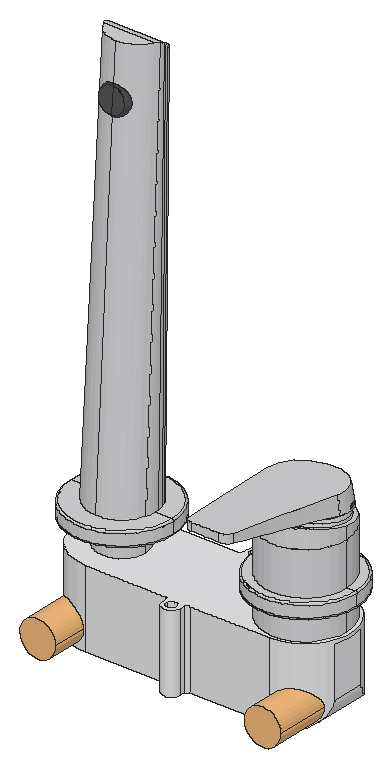
Revit family "Faucet-Wall_Mount-Lavatory-KOHLER-Avid-K-97358M_1", category Plumbing Fixtures, host Face, Revit 2017
Family settings
  Host = Face
  Round Connector Dimension = Use Diameter
  Part Type = Normal
  OmniClass Number = 23.31.11.00
  OmniClass Title = Faucets
  Cut with Voids When Loaded = No
  Shared = No
  Room Calculation Point = No
Parameters (values of type "CP-Polished Chrome")
  Width = 6 1/4"  # constant formula
  WaterSense Certified = 1 = 0  # no
  Waste Water Outlet = "Waste Water Outlet"  # constant formula
  Waste Connection = 1 = 0  # no
  Vent Connection = 1 = 0  # no
  URL = "https://la.kohler.com/es"
  Type = 1
  Spout Reach = 8 1/4"  # constant formula
  Product Page URL = "https://la.kohler.com/en/product-detail/97358m-4?skuid=K-97358M-4-CP"
  Product Name = "Avid"  # constant formula
  Product Documentation Link = "http://resources.kohler.com/plumbing/kohlerla/pdf/97358T_spec.pdf"
  Pressure = 45.00 psi  # constant formula
  Model = "K-97358M-4-CP"  # constant formula
  Material = "Brass construction"  # constant formula
  Master Format 2014 Name = "Residential Faucets, Supplies, and Trim"  # constant formula
  Master Format 2014 = "22 41 39"  # constant formula
  Manufacturer Address = "KOHLER Co. 444 Highland Dr.Kohler, WI 53044"  # constant formula
  Manufacturer = "KOHLER Co."  # constant formula
  Length = Spout Reach  # 8 1/4"
  Hot Water Inlet = "Hot Water Inlet"  # constant formula
  Height = 2 5/16"  # constant formula
  Handle Clearance = 2 3/4"  # constant formula
  HW Connection = 1 = 1  # yes
  Flow Rate = 2.2 GPM  # constant formula
  Finish = Kohler-Metal-CP-Polished_Chrome
  Environmental Product Declaration = ""
  Drain Included = 1 = 1  # yes
  Description = "1 handle wall mount lav faucet"  # constant formula
  Default Elevation = 36"
  Declare Label = ""
  Date Modified = "06/29/2020"  # constant formula
  Date Created = "06/29/2020"  # constant formula
  Copyright = "Copyright KOHLER Co."  # constant formula
  Contact Us = "https://la.kohler.com/es/contact-us-page"
  Cold Water Inlet = "Cold Water Inlet"  # constant formula
  CW Connection = 1 = 1  # yes
  Assembly Code = "D2010"
  ADA Compliant = 1 = 0  # no
Reference planes (in)
  plane 1 "Center (Front/Back)": y = 0
  plane 2: z = 0
  plane 3 "Center (Left/Right)": x = 0
  plane 4: z = 8.25
  plane 5: x = -2
  plane 6: x = 2
  plane 7: y = 1.14173
  plane 8: y = -1.17077
  plane 9: x = -3.125
  plane 10: x = -0.875
  plane 11: x = 0.875
  plane 12: x = 3.125
  plane 13: y = -2.75
  plane 14: z = 9.31922
  plane 15: z = 0.31496
  plane 16: z = 2.3585
  plane 17: z = -0.53937
  plane 18: z = -2.22303
  plane 19: x = 2.43501
  plane 20: z = -1.81102
  plane 21: x = -2.45276
  plane 22: z = -2.3874
  plane 23: y = -1.7063
Forms (in)
  Extrusion 1, void
    sketch origin (0, 0, 0) x (1, 0, 0) y (0, 1, 0)
      loop
        circle (2, 0) r 1
      loop
        circle (-2, 0) r 1
    from -0.53937 to 0
  Extrusion 2, void
    sketch origin (0, 0, 0) x (1, 0, 0) y (0, 0, 1)
      loop
        line (-2.98497, -0.53937) -> (-2.98497, -2.42693) -> (3.01503, -2.42693) -> (3.01503, -0.53937) -> (-2.98497, -0.53937)
    from -1.3475 to 1.36945
  Extrusion 3, void
    sketch origin (0, 0, 0) x (1, 0, 0) y (0, 0, 1)
      loop
        circle (-2.45276, -1.81102) r 0.3937
      loop
        circle (2.44731, -1.81102) r 0.3937
    from 1.17907 to 1.7063
Dimensions and locks (in)
  "Spout Reach": level to plane 4
  "Handle Clearance": plane 13 to plane 1 "Center (Front/Back)"
  "Height": plane 7 to plane 8
  "Width": plane 9 to plane 12
  plane 3 "Center (Left/Right)" to plane 19 = 2.43501"
  plane 21 to plane 3 "Center (Left/Right)" = 2.45276"
  aligned and locked: plane 2 to host face
  aligned and locked: level to host face
Automatic sketch dimensions
  host sketch curve to host sketch curve = 96"  (x2)
  plane 1 "Center (Front/Back)" to Extrusion 1 sketch curve = 0"  (x2)
  Extrusion 1 sketch curve to plane 5 = 0"
  Extrusion 1 sketch curve to plane 6 = 0"
  plane 5 to Extrusion 2 sketch curve = 0.98497"
  Extrusion 2 sketch curve to plane 6 = 1.01503"
  Extrusion 2 sketch curve to level = 2.42693"
  Extrusion 2 sketch curve to level = 0.53937"
  plane 5 to Extrusion 3 sketch curve = 0.45276"
  Extrusion 3 sketch curve to plane 6 = 0.44731"
  Extrusion 3 sketch curve to level = 1.81102"  (x2)
  radius of Extrusion 1 sketch curve = 1"  (x2)
  radius of Extrusion 3 sketch curve = 0.3937"  (x2)
Nested families (in)
  nested 1: "K-97358M" at (-2, 0, 0), type "K-97358M"
Connectors (in)
  piping at (-2.45276, -1.7063, -1.81102), diameter 0.5, driven by "HW Connection", driven by "Hot Water Inlet", driven by "Flow Rate", driven by "Pressure"
    settings: on nested 1, index 1, connector inside diameter 24", connector length 0", flow factor 0, pipe flow 2.2 GPM, pressure drop 45.00 psi, fitting loss kfactor 0, connector angle 0.00°, fixture units 0, engagement length 0", angle of deflection 0.00°, flow configuration 1, flow direction 1, fitting loss method 4, system type 19, joint type 0, gender type 0, connector reference index -1, connector utility 1, adjustable connector no, is connector primary yes, connector description "Hot Water Inlet"
  piping at (2.43501, -1.7063, -1.81102), diameter 0.5, driven by "CW Connection", driven by "Cold Water Inlet", driven by "Flow Rate", driven by "Pressure"
    settings: on nested 1, index 2, connector inside diameter 24", connector length 0", flow factor 0, pipe flow 2.2 GPM, pressure drop 45.00 psi, fitting loss kfactor 0, connector angle 0.00°, fixture units 0, engagement length 0", angle of deflection 0.00°, flow configuration 1, flow direction 1, fitting loss method 4, system type 20, joint type 0, gender type 0, connector reference index -1, connector utility 1, adjustable connector no, is connector primary no, connector description "Cold Water Inlet"
Definition of nested family "K-97358M"
  Parameters (values of type "K-97358M")
    Valve Material = none
  Reference planes (in)
    plane 1 "Center (Front/Back)": y = 0
    plane 2: z = 0
    plane 3 "Center (Left/Right)": x = 0
    plane 4: x = -1.125
    plane 5: x = 1.125
    plane 6: x = 4
    plane 7: x = 2.875
    plane 8: x = 5.125
    plane 9: z = 8.22835
    plane 10: z = -1.81102
    plane 11: x = -0.45276
    plane 12: x = 4.43501
    plane 13: y = 1.14173
    plane 14: y = -1.14173
    plane 15: y = 1.25984
    plane 16: y = -1.7063
    plane 17: x = 2
    plane 18: y = -2.75
    plane 19: x = -0.97578
  Forms (in)
    SweptBlend 1, solid, material <- "Valve Material", detail levels medium+fine
      path origin (0, 0, -0.09843) x (0, 1, 0) y (0, 0, 1)
        loop
          line (0.39318, 0.31496) -> (0.58456, 10.81322)
      profile origin (0, 0.39318, 0.21654) x (0, -0.999834, 0.018227) y (1, 0, 0)
        loop
          line (0, 0.61393) -> (0, -0.61385)
          arc (0, -0.61385) -> (0.00798, -0.63766) -> (0.02871, -0.65184) r 0.03949
          arc (0.02871, -0.65184) -> (0.06832, -0.66352) -> (0.10768, -0.67602) r 2.01365
          arc (0.10768, -0.67602) -> (0.19207, -0.69707) -> (0.27864, -0.70561) r 0.59539
          arc (0.27864, -0.70561) -> (0.44154, -0.71142) -> (0.60151, -0.68012) r 0.71364
          arc (0.60151, -0.68012) -> (0.96137, -0.42133) -> (1.09903, 0) r 0.71364
          arc (1.09903, 0) -> (0.96137, 0.42133) -> (0.60151, 0.68012) r 0.71364
          arc (0.60151, 0.68012) -> (0.44154, 0.71142) -> (0.27864, 0.70561) r 0.71364
          arc (0.27864, 0.70561) -> (0.19207, 0.69707) -> (0.10768, 0.67602) r 0.59539
          arc (0.10768, 0.67602) -> (0.06828, 0.66351) -> (0.02864, 0.65182) r 2.01365
          arc (0.02864, 0.65182) -> (0.00796, 0.63767) -> (0, 0.61393) r 0.03939
      end profile origin (0, 0.58456, 10.71479) x (0, -0.999834, 0.018227) y (1, 0, 0)
        loop
          arc (0.0682, -0.60617) -> (0.09124, -0.60472) -> (0.11421, -0.6024) r 0.60675
          arc (0.11421, -0.6024) -> (0.1519, -0.59666) -> (0.18915, -0.58856) r 0.60675
          arc (0.18915, -0.58856) -> (0.52006, -0.37329) -> (0.64848, 0) r 0.60675
          arc (0.64848, 0) -> (0.52006, 0.37329) -> (0.18915, 0.58856) r 0.60675
          arc (0.18915, 0.58856) -> (0.17059, 0.59291) -> (0.1519, 0.59666) r 0.60675
          arc (0.1519, 0.59666) -> (0.1331, 0.59983) -> (0.11421, 0.6024) r 0.60675
          arc (0.11421, 0.6024) -> (0.09124, 0.60472) -> (0.0682, 0.60617) r 0.60675
          arc (0.0682, 0.60617) -> (0.04523, 0.59752) -> (0.03559, 0.57495) r 0.03125
          line (0.03559, 0.57495) -> (0.03559, 0) -> (0.03559, -0.57495)
          arc (0.03559, -0.57495) -> (0.04523, -0.59752) -> (0.0682, -0.60617) r 0.03125
    Revolve 2, solid, material <- "Valve Material", detail levels medium+fine
      sketch origin (0, 0, 0) x (1, 0, 0) y (0, 0, 1)
        loop
          line (0, 0.31496) -> (-1.09025, 0.31496)
          arc (-1.09025, 0.31496) -> (-1.11482, 0.30478) -> (-1.125, 0.28021) r 0.03475
          line (-1.125, 0.28021) -> (-1.125, 0.03516)
          arc (-1.125, 0.03516) -> (-1.1147, 0.0103) -> (-1.08984, 0) r 0.03516
          line (-1.08984, 0) -> (-0.94488, 0) -> (-0.94488, -0.03937) -> (-0.31231, -0.03937) -> (-0.31231, -0.19685) -> (-0.49213, -0.19685) -> (-0.51394, -0.21867) -> (-0.51394, -0.25433) -> (-0.48358, -0.27559) -> (-0.52408, -0.27559) -> (-0.52408, -0.53937) -> (0, -0.53937) -> (0, 0.31496)
        axis (0, -0.53937) -> (0, 0.31496)
      angle from 0 to 360
    Revolve 3, solid, material <- "Valve Material", detail levels medium+fine
      sketch origin (0, 0, 0) x (1, 0, 0) y (0, 0, 1)
        loop
          arc (4, 1.85893) -> (3.78638, 1.85354) -> (3.57331, 1.83726) r 4.18399
          arc (3.57331, 1.83726) -> (3.39839, 1.81096) -> (3.22674, 1.76823) r 1.86659
          arc (3.22674, 1.76823) -> (3.19289, 1.75404) -> (3.16276, 1.73308) r 0.17427
          arc (3.16276, 1.73308) -> (3.13089, 1.69288) -> (3.11592, 1.64381) r 0.13794
          arc (3.11592, 1.64381) -> (3.09988, 1.44843) -> (3.09452, 1.25246) r 3.5902
          line (3.09452, 1.25246) -> (3.09452, 0.31496) -> (2.90633, 0.31496)
          arc (2.90633, 0.31496) -> (2.88418, 0.30578) -> (2.875, 0.28363) r 0.03133
          line (2.875, 0.28363) -> (2.875, 0.03381)
          arc (2.875, 0.03381) -> (2.8849, 0.0099) -> (2.90881, 0) r 0.03381
          line (2.90881, 0) -> (3.09464, 0) -> (3.09464, -0.53937) -> (4, -0.53937) -> (4, 1.85893)
        axis (4, -0.53937) -> (4, 1.85893)
      angle from 0 to 360
    Extrusion 4, void
      sketch origin (0, 0, 0) x (0, 1, 0) y (0, 0, 1)
        loop
          line (1.21089, 1.31126) -> (1.28243, 1.71699) -> (-0.84864, 2.09275) -> (-0.92018, 1.68703) -> (1.21089, 1.31126)
      from 0 to 12
    Blend 5, solid, material <- "Valve Material", detail levels medium+fine
      base sketch origin (0, 0, 0) x (1, 0, 0) y (0, 1, 0)
        loop
          arc (4.30364, -2.75379) -> (4.43502, -2.70439) -> (4.50131, -2.58067) r 0.19944
          line (4.50131, -2.58067) -> (4.83397, -0.08241)
          arc (4.83397, -0.08241) -> (4, 0.86997) -> (3.16603, -0.08241) r 0.84133
          line (3.16603, -0.08241) -> (3.49902, -2.5832)
          arc (3.49902, -2.5832) -> (3.56439, -2.70516) -> (3.69391, -2.75385) r 0.19659
          line (3.69391, -2.75385) -> (4.30364, -2.75379)
      top sketch origin (0, 0, 0) x (1, 0, 0) y (0, 1, 0)
        loop
          line (3.70457, -2.70033) -> (4.29092, -2.70033)
          arc (4.29092, -2.70033) -> (4.40646, -2.6555) -> (4.46153, -2.54447) r 0.17131
          line (4.46153, -2.54447) -> (4.68298, -0.09856)
          arc (4.68298, -0.09856) -> (4, 0.64905) -> (3.31702, -0.09856) r 0.68577
          line (3.31702, -0.09856) -> (3.53888, -2.54896)
          arc (3.53888, -2.54896) -> (3.59236, -2.65679) -> (3.70457, -2.70033) r 0.16637
      from 1.53543 to 2.78937
    Extrusion 6, void
      sketch origin (0, 0, 0) x (0, 1, 0) y (0, 0, 1)
        loop
          arc (0.81908, 2.03021) -> (0.95281, 1.81903) -> (1.02699, 1.58033) r 0.95238
          line (1.02699, 1.58033) -> (2.23255, 1.58033) -> (2.23255, 2.97712) -> (-2.82995, 2.97712) -> (-2.82995, 2.30805)
          arc (-2.82995, 2.30805) -> (-2.80796, 2.34972) -> (-2.76295, 2.36364) r 0.06155
          line (-2.76295, 2.36364) -> (0.81908, 2.03021)
      from 0 to 12
    Extrusion 7, void
      sketch origin (0, 0, 0) x (0, 1, 0) y (0, 0, 1)
        loop
          line (-2.93599, 2.23374) -> (-2.93599, 1.46391) -> (1.06401, 1.46391) -> (1.06401, 1.52844) -> (-2.93599, 2.23374)
      from 0 to 12
    Revolve 8, solid, material <- "Valve Material", detail levels medium+fine
      sketch origin (4, 0, 0) x (0, 1, 0) y (0, 0, 1)
        loop
          line (0.03271, 1.71028) -> (0, 1.52478) -> (0.79088, 1.38532) -> (0.79088, 1.44328)
          arc (0.79088, 1.44328) -> (0.78889, 1.48298) -> (0.78292, 1.52228) r 0.39569
          arc (0.78292, 1.52228) -> (0.77567, 1.55194) -> (0.76616, 1.58096) r 0.39569
          line (0.76616, 1.58096) -> (0.03271, 1.71028)
        axis (0.03271, 1.71028) -> (0, 1.52478)
      angle from 0 to 360
    Extrusion 9, void
      sketch origin (0, 0, 0) x (0, 1, 0) y (0, 0, 1)
        loop
          arc (0.20274, 9.31287) -> (0.49131, 9.1872) -> (0.6065, 8.89429) r 0.41123
          line (0.6065, 8.89429) -> (0.6065, 11.14429) -> (-0.8935, 11.14429) -> (-0.8935, 9.33261) -> (0.20274, 9.31287)
      from -2.06618 to 12
    Extrusion 10, solid, detail levels medium+fine
      sketch origin (0, 0, 0) x (1, 0, 0) y (0, 1, 0)
        loop
          line (1.72613, 0.98425) -> (-0.00072, 0.98425)
          arc (-0.00072, 0.98425) -> (-0.98497, 0) -> (-0.00072, -0.98425) r 0.98425
          line (-0.00072, -0.98425) -> (1.72613, -0.98425)
          arc (1.72613, -0.98425) -> (1.78158, -1.00722) -> (1.80455, -1.06267) r 0.07841
          line (1.80455, -1.06267) -> (1.80455, -1.14195)
          arc (1.80455, -1.14195) -> (2, -1.3374) -> (2.19546, -1.14195) r 0.19545
          line (2.19546, -1.14195) -> (2.19546, -1.06267)
          arc (2.19546, -1.06267) -> (2.21842, -1.00722) -> (2.27387, -0.98425) r 0.07841
          line (2.27387, -0.98425) -> (4.00072, -0.98425)
          arc (4.00072, -0.98425) -> (4.98497, 0) -> (4.00072, 0.98425) r 0.98425
          line (4.00072, 0.98425) -> (2.27387, 0.98425)
          arc (2.27387, 0.98425) -> (2.21842, 1.00722) -> (2.19546, 1.06267) r 0.07841
          line (2.19546, 1.06267) -> (2.19546, 1.14045)
          arc (2.19546, 1.14045) -> (2, 1.33591) -> (1.80455, 1.14045) r 0.19545
          line (1.80455, 1.14045) -> (1.80455, 1.06267)
          arc (1.80455, 1.06267) -> (1.78158, 1.00722) -> (1.72613, 0.98425) r 0.07841
        loop
          circle (2, -1.14195) r 0.11215
        loop
          circle (2, 1.14045) r 0.11873
      from -2.84874 to -0.53937
    Extrusion 11, void
      sketch origin (0, 0, 0) x (0, 1, 0) y (0, 0, 1)
        loop
          line (-2.26611, -2.31267) -> (-2.24505, -2.91593) -> (1.50724, -2.91593) -> (1.50724, -2.12514) -> (1.00724, -2.12514)
          arc (1.00724, -2.12514) -> (0.7601, -2.3178) -> (0.45324, -2.38125) r 0.68986
          line (0.45324, -2.38125) -> (-2.26611, -2.31267)
      from -1.74273 to 12
    Extrusion 12, void
      sketch origin (0, 0, 0) x (1, 0, 0) y (0, 0, 1)
        loop
          arc (4.92175, -1.72303) -> (4.77531, -2.07658) -> (4.42175, -2.22303) r 0.5
          line (4.42175, -2.22303) -> (-0.42175, -2.22303)
          arc (-0.42175, -2.22303) -> (-0.77531, -2.07658) -> (-0.92175, -1.72303) r 0.5
          line (-0.92175, -1.72303) -> (-0.92175, -0.65748) -> (-2.76575, -0.65748) -> (-2.76575, -3.35416) -> (5.73425, -3.35416) -> (5.73425, -0.60416) -> (4.92175, -0.60416) -> (4.92175, -1.72303)
      from -2.81824 to 12
    Extrusion 13, solid
      sketch origin (0, 0, 0) x (1, 0, 0) y (0, 0, 1)
        loop
          circle (-0.45276, -1.81102) r 0.3937
        loop
          circle (4.43501, -1.81102) r 0.3937
      from 0 to 1.7063
    Extrusion 14, solid, detail levels medium+fine
      sketch origin (-4, 0, 0) x (0, 1, 0) y (0, 0, 1)
        loop
          line (1.25984, -2.3874) -> (1.25984, -1.68556)
          arc (1.25984, -1.68556) -> (1.23478, -1.62506) -> (1.17428, -1.6) r 0.08556
          line (1.17428, -1.6) -> (-0.50054, -1.6) -> (-0.50054, -2.3874) -> (1.25984, -2.3874)
      from 3.52756 to 3.92126
    Extrusion 15, solid, detail levels medium+fine
      sketch origin (0, 0, 0) x (0, 1, 0) y (0, 0, 1)
        loop
          line (1.25984, -2.3874) -> (1.25984, -1.68556)
          arc (1.25984, -1.68556) -> (1.23478, -1.62506) -> (1.17428, -1.6) r 0.08556
          line (1.17428, -1.6) -> (-0.50054, -1.6) -> (-0.50054, -2.3874) -> (1.25984, -2.3874)
      from 3.52756 to 3.92126
    Revolve 16, solid, detail levels medium+fine
      sketch origin (0, 0, 0) x (0, 1, 0) y (0, 0, 1)
        loop
          arc (-0.28793, 7.92912) -> (-0.22637, 7.88913) -> (-0.15365, 7.87923) r 0.16787
          line (-0.15365, 7.87923) -> (-0.12997, 8.19859) -> (-0.2672, 8.20876) -> (-0.28793, 7.92912)
        axis (-0.2672, 8.20876) -> (-0.12997, 8.19859)
      angle from 0 to 360
    Extrusion 17, solid, detail levels coarse
      sketch origin (0, 0, 0) x (1, 0, 0) y (0, 1, 0)
        loop
          line (-0.97578, 1.14173) -> (-0.97578, -1.14173) -> (4.97578, -1.14173) -> (4.97578, 1.14173) -> (-0.97578, 1.14173)
      from -2.3874 to -0.53937
    Extrusion 18, solid, material <- "Valve Material", detail levels coarse
      sketch origin (0, 0, 0) x (1, 0, 0) y (0, 1, 0)
        loop
          circle (4, 0) r 1.12543
        loop
          circle (0, 0) r 1.125
      from 0 to 0.31496
    Extrusion 19, solid, material <- "Valve Material", detail levels coarse
      sketch origin (0, 0, 0) x (1, 0, 0) y (0, 0, 1)
        loop
          arc (0.71314, 9.30264) -> (0.00006, 9.31905) -> (-0.71314, 9.30851) r 18.8753
          line (-0.71314, 9.30851) -> (-0.71314, 0.31496) -> (0.71314, 0.31496) -> (0.71314, 9.30264)
      from -0.50311 to 0.67888
    Extrusion 20, solid, material <- "Valve Material", detail levels coarse
      sketch origin (0, 0, 0) x (1, 0, 0) y (0, 1, 0)
        loop
          circle (4, 0) r 0.98425
      from 0.31496 to 1.88841
    Extrusion 21, solid, material <- "Valve Material", detail levels coarse
      sketch origin (0, 0, 0) x (0, 1, 0) y (0, 0, 1)
        loop
          line (-2.71867, 2.35952) -> (-2.71867, 2.19543) -> (0.98425, 1.5425) -> (0.98425, 2.01484) -> (-2.71867, 2.35952)
      from 3.01544 to 4.97578
    Extrusion 22, solid, material <- "Valve Material", detail levels coarse
      sketch origin (0, 0, 0) x (1, 0, 0) y (0, 1, 0)
        loop
          circle (4, 0) r 0.90536
        loop
          circle (0, 0) r 0.52408
      from -0.53937 to 0
    Extrusion 23, solid, detail levels medium+fine
      sketch origin (0.35038, -1.51848, 0.01172) x (-0.325568, 0.945519, 0) y (0, 0, 1)
        loop
          line (0.19179, 1.76677) -> (0.19179, 1.71333) -> (0.39295, 1.71333) -> (0.39295, 1.76677) -> (0.19179, 1.76677)
      from 4.7472 to 4.77467
    Extrusion 24, solid, detail levels medium+fine
      sketch origin (7.64962, -1.51848, 0.01172) x (0.325568, 0.945519, 0) y (0, 0, -1)
        loop
          line (0.19179, -1.76677) -> (0.39295, -1.76677) -> (0.39295, -1.71333) -> (0.19179, -1.71333) -> (0.19179, -1.76677)
      from 4.7472 to 4.77467
  Cuts and joins
    Extrusion 9 cuts SweptBlend 1
    Extrusion 4 cuts Revolve 3
    Extrusion 6, Extrusion 7 cuts Blend 5
    joined: SweptBlend 1, Revolve 2, Revolve 3, Blend 5, Revolve 8
    Extrusion 11, Extrusion 12 cuts Extrusion 10
  Lines and regions (in)
    Masking region 1
      outline origin (0, 0, 0) x (0, 1, 0) y (0, 0, 1)
        loop
          line (0.90241, 0.31496) -> (0.90241, 1.36566) -> (0.78556, 1.38626)
          arc (0.78556, 1.38626) -> (0.78983, 1.485) -> (0.76616, 1.58096) r 0.34786
          line (0.76616, 1.58096) -> (0.86168, 1.56411) -> (0.78739, 2.03316) -> (0.42937, 2.06649) -> (0.52569, 9.1466)
          arc (0.52569, 9.1466) -> (0.38357, 9.26732) -> (0.20274, 9.31287) r 0.41123
          line (0.20274, 9.31287) -> (-0.14993, 9.31922) -> (-0.19923, 8.51351) -> (-0.24647, 8.4884) -> (-0.28793, 7.92912) -> (-0.23716, 7.89357) -> (-0.58178, 2.16061) -> (-2.71867, 2.35952) -> (-2.75673, 2.20214) -> (-0.69952, 1.83939)
          arc (-0.69952, 1.83939) -> (-0.76311, 1.76115) -> (-0.79088, 1.66423) r 0.25162
          line (-0.79088, 1.66423) -> (-0.87539, 1.67913)
          arc (-0.87539, 1.67913) -> (-0.88109, 1.6509) -> (-0.88539, 1.62242) r 0.58365
          arc (-0.88539, 1.62242) -> (-0.90057, 1.46113) -> (-0.90564, 1.29921) r 2.58873
          line (-0.90564, 1.29921) -> (-0.90564, 0.31496) -> (-1.09287, 0.31496)
          arc (-1.09287, 0.31496) -> (-1.11546, 0.3056) -> (-1.12482, 0.28302) r 0.03194
          line (-1.12482, 0.28302) -> (-1.12482, 0.03501)
          arc (-1.12482, 0.03501) -> (-1.11456, 0.01025) -> (-1.08981, 0) r 0.03501
          line (-1.08981, 0) -> (1.08981, 0)
          arc (1.08981, 0) -> (1.11456, 0.01025) -> (1.12482, 0.03501) r 0.03501
          line (1.12482, 0.03501) -> (1.12482, 0.28302)
          arc (1.12482, 0.28302) -> (1.11546, 0.3056) -> (1.09287, 0.31496) r 0.03194
          line (1.09287, 0.31496) -> (0.90241, 0.31496)
    Masking region 2
      outline origin (0, 0, 0) x (0, 1, 0) y (0, 0, 1)
        loop
          line (0.90536, -0.03937) -> (0.94488, -0.03937) -> (0.94488, 0) -> (-0.94488, 0) -> (-0.94488, -0.03937) -> (-0.90536, -0.03937) -> (-0.90536, -0.53937) -> (-1.3374, -0.53937) -> (-1.3374, -1.41732) -> (-1.7063, -1.41732) -> (-1.7063, -2.20472) -> (-1.40572, -2.20472) -> (-1.3374, -2.22303) -> (-0.50054, -2.22303) -> (-0.50054, -2.3874) -> (1.25984, -2.3874) -> (1.25984, -2.12514) -> (1.33591, -2.12514) -> (1.33591, -0.53937) -> (0.90536, -0.53937) -> (0.90536, -0.03937)
    Masking region 3
      outline origin (0, 0, 0) x (1, 0, 0) y (0, 0, 1)
        loop
          line (0.71314, 0.31496) -> (0.6135, 9.24533)
          spline (0.6135, 9.24533) -> (0.61347, 9.24705) -> (0.61342, 9.24876) -> (0.61335, 9.25045) -> (0.61326, 9.25211) -> (0.61314, 9.25375) -> (0.613, 9.25538) -> (0.61285, 9.25698) -> (0.61267, 9.25856) -> (0.61247, 9.26012) -> (0.61225, 9.26165) -> (0.612, 9.26317) -> (0.61174, 9.26466)
          spline (0.61174, 9.26466) -> (0.61173, 9.26782) -> (0.61156, 9.27088) -> (0.61122, 9.27384) -> (0.61073, 9.2767) -> (0.61007, 9.27945) -> (0.60925, 9.28209) -> (0.60827, 9.28462) -> (0.60712, 9.28704) -> (0.60582, 9.28935) -> (0.60437, 9.29154) -> (0.60275, 9.29361) -> (0.60098, 9.29557)
          spline (0.60098, 9.29557) -> (0.59846, 9.29818) -> (0.59578, 9.30058) -> (0.59292, 9.30278) -> (0.5899, 9.30476) -> (0.58671, 9.30653) -> (0.58336, 9.30809) -> (0.57985, 9.30943) -> (0.57618, 9.31055) -> (0.57236, 9.31146) -> (0.56839, 9.31214) -> (0.56426, 9.31261) -> (0.55999, 9.31287)
          spline (0.55999, 9.31287) -> (0.53245, 9.31379) -> (0.50024, 9.31466) -> (0.46364, 9.31547) -> (0.42298, 9.31622) -> (0.37861, 9.3169) -> (0.33091, 9.3175) -> (0.28031, 9.31801) -> (0.22726, 9.31844) -> (0.17221, 9.31878) -> (0.11565, 9.31902) -> (0.05807, 9.31917) -> (0.00001, 9.31922)
          spline (0.00001, 9.31922) -> (-0.05807, 9.31917) -> (-0.11565, 9.31902) -> (-0.17221, 9.31878) -> (-0.22726, 9.31844) -> (-0.28031, 9.31801) -> (-0.33091, 9.3175) -> (-0.37861, 9.3169) -> (-0.42298, 9.31622) -> (-0.46364, 9.31547) -> (-0.50024, 9.31466) -> (-0.53245, 9.31379) -> (-0.55999, 9.31287)
          spline (-0.55999, 9.31287) -> (-0.56426, 9.31261) -> (-0.56839, 9.31214) -> (-0.57236, 9.31146) -> (-0.57618, 9.31055) -> (-0.57985, 9.30943) -> (-0.58336, 9.30809) -> (-0.58671, 9.30653) -> (-0.5899, 9.30476) -> (-0.59292, 9.30278) -> (-0.59578, 9.30058) -> (-0.59846, 9.29818) -> (-0.60098, 9.29557)
          spline (-0.60098, 9.29557) -> (-0.60275, 9.29361) -> (-0.60437, 9.29154) -> (-0.60582, 9.28935) -> (-0.60712, 9.28704) -> (-0.60827, 9.28462) -> (-0.60925, 9.28209) -> (-0.61007, 9.27945) -> (-0.61073, 9.2767) -> (-0.61122, 9.27384) -> (-0.61156, 9.27088) -> (-0.61173, 9.26782) -> (-0.61174, 9.26466)
          spline (-0.61174, 9.26466) -> (-0.612, 9.26317) -> (-0.61225, 9.26165) -> (-0.61247, 9.26012) -> (-0.61267, 9.25856) -> (-0.61285, 9.25698) -> (-0.613, 9.25538) -> (-0.61314, 9.25375) -> (-0.61326, 9.25211) -> (-0.61335, 9.25045) -> (-0.61342, 9.24876) -> (-0.61347, 9.24705) -> (-0.6143, 9.24533)
          line (-0.6143, 9.24533) -> (-0.71314, 0.31496) -> (-1.09224, 0.31496)
          arc (-1.09224, 0.31496) -> (-1.11541, 0.30537) -> (-1.125, 0.2822) r 0.03276
          line (-1.125, 0.2822) -> (-1.125, 0.03704)
          arc (-1.125, 0.03704) -> (-1.11415, 0.01085) -> (-1.08796, 0) r 0.03704
          line (-1.08796, 0) -> (1.08796, 0)
          arc (1.08796, 0) -> (1.11415, 0.01085) -> (1.125, 0.03704) r 0.03704
          line (1.125, 0.03704) -> (1.125, 0.2822)
          arc (1.125, 0.2822) -> (1.11541, 0.30537) -> (1.09224, 0.31496) r 0.03276
          line (1.09224, 0.31496) -> (0.71314, 0.31496)
        loop
          line (4.29765, 2.35951) -> (3.69855, 2.35952)
          spline (3.69855, 2.35952) -> (3.67722, 2.35937) -> (3.65623, 2.35898) -> (3.6359, 2.35836) -> (3.61651, 2.35753) -> (3.59836, 2.35648) -> (3.5817, 2.35523) -> (3.56678, 2.35381) -> (3.55381, 2.35223) -> (3.54298, 2.35052) -> (3.53446, 2.3487) -> (3.52836, 2.3468) -> (3.52477, 2.34485)
          spline (3.52477, 2.34485) -> (3.5021, 2.32564) -> (3.47917, 2.30642) -> (3.45598, 2.28721) -> (3.43252, 2.26799) -> (3.40879, 2.24879) -> (3.3848, 2.22958) -> (3.36054, 2.21038) -> (3.33601, 2.19118) -> (3.31122, 2.17198) -> (3.28616, 2.15278) -> (3.26083, 2.13359) -> (3.23524, 2.1144)
          spline (3.23524, 2.1144) -> (3.23473, 2.11328) -> (3.23394, 2.11262) -> (3.23322, 2.11195) -> (3.23256, 2.11129) -> (3.23198, 2.11062) -> (3.23146, 2.10996) -> (3.23101, 2.10929) -> (3.23062, 2.10862) -> (3.2303, 2.10796) -> (3.23005, 2.10729) -> (3.22987, 2.10662) -> (3.22975, 2.10595)
          line (3.22975, 2.10595) -> (3.18036, 1.70644)
          spline (3.18036, 1.70644) -> (3.18069, 1.70235) -> (3.18171, 1.69826) -> (3.1834, 1.69418) -> (3.18577, 1.69011) -> (3.18881, 1.68605) -> (3.19252, 1.68201) -> (3.1969, 1.67799) -> (3.20195, 1.67399) -> (3.20765, 1.67002) -> (3.21401, 1.66608) -> (3.22102, 1.66217) -> (3.22867, 1.6583)
          arc (3.22867, 1.6583) -> (3.21698, 1.62753) -> (3.20783, 1.59592) r 0.40492
          spline (3.20783, 1.59592) -> (3.19353, 1.59094) -> (3.18024, 1.58588) -> (3.16799, 1.58074) -> (3.15679, 1.57553) -> (3.14666, 1.57025) -> (3.1376, 1.56492) -> (3.12963, 1.55953) -> (3.12275, 1.5541) -> (3.11698, 1.54862) -> (3.11232, 1.54312) -> (3.10879, 1.53759) -> (3.10637, 1.53205)
          arc (3.10637, 1.53205) -> (3.09749, 1.26979) -> (3.09452, 1.0074) r 11.62233
          line (3.09452, 1.0074) -> (3.09452, 0.31496) -> (2.90776, 0.31496)
          arc (2.90776, 0.31496) -> (2.8846, 0.30537) -> (2.875, 0.2822) r 0.03276
          line (2.875, 0.2822) -> (2.875, 0.03704)
          arc (2.875, 0.03704) -> (2.88585, 0.01085) -> (2.91204, 0) r 0.03704
          line (2.91204, 0) -> (5.08796, 0)
          arc (5.08796, 0) -> (5.11415, 0.01085) -> (5.125, 0.03704) r 0.03704
          line (5.125, 0.03704) -> (5.125, 0.2822)
          arc (5.125, 0.2822) -> (5.1154, 0.30537) -> (5.09224, 0.31496) r 0.03276
          line (5.09224, 0.31496) -> (4.90548, 0.31496) -> (4.90548, 1.0074)
          arc (4.90548, 1.0074) -> (4.90251, 1.26979) -> (4.89363, 1.53205) r 11.62233
          spline (4.89363, 1.53205) -> (4.89121, 1.53759) -> (4.88768, 1.54312) -> (4.88302, 1.54862) -> (4.87725, 1.5541) -> (4.87037, 1.55953) -> (4.8624, 1.56492) -> (4.85334, 1.57025) -> (4.84321, 1.57553) -> (4.83201, 1.58074) -> (4.81976, 1.58588) -> (4.80647, 1.59094) -> (4.79217, 1.59592)
          arc (4.79217, 1.59592) -> (4.78302, 1.62753) -> (4.77133, 1.6583) r 0.40492
          spline (4.77133, 1.6583) -> (4.77898, 1.66217) -> (4.78599, 1.66608) -> (4.79235, 1.67002) -> (4.79805, 1.67399) -> (4.8031, 1.67799) -> (4.80748, 1.68201) -> (4.81119, 1.68605) -> (4.81423, 1.69011) -> (4.8166, 1.69418) -> (4.81829, 1.69826) -> (4.81931, 1.70235) -> (4.81964, 1.70644)
          line (4.81964, 1.70644) -> (4.77059, 2.106)
          spline (4.77059, 2.106) -> (4.77013, 2.10662) -> (4.76995, 2.10729) -> (4.7697, 2.10796) -> (4.76938, 2.10862) -> (4.76899, 2.10929) -> (4.76854, 2.10996) -> (4.76802, 2.11062) -> (4.76744, 2.11129) -> (4.76678, 2.11195) -> (4.76606, 2.11262) -> (4.76527, 2.11328) -> (4.76442, 2.11395)
          spline (4.76442, 2.11395) -> (4.7392, 2.13356) -> (4.71391, 2.15273) -> (4.68889, 2.17189) -> (4.66413, 2.19106) -> (4.63964, 2.21023) -> (4.61541, 2.2294) -> (4.59145, 2.24858) -> (4.56776, 2.26776) -> (4.54433, 2.28694) -> (4.52116, 2.30613) -> (4.49826, 2.32532) -> (4.47563, 2.34451)
          spline (4.47563, 2.34451) -> (4.47195, 2.3465) -> (4.4657, 2.34845) -> (4.45697, 2.35031) -> (4.44588, 2.35206) -> (4.4326, 2.35367) -> (4.41732, 2.35513) -> (4.40026, 2.3564) -> (4.38166, 2.35748) -> (4.36181, 2.35834) -> (4.34099, 2.35897) -> (4.3195, 2.35936) -> (4.29765, 2.35951)
    Masking region 4, detail levels medium+fine
      outline origin (0, 0, 0) x (1, 0, 0) y (0, 0, 1)
        loop
          line (4.98497, -0.53937) -> (4.90536, -0.53937) -> (4.90536, 0) -> (3.09464, 0) -> (3.09464, -0.53937) -> (0.52408, -0.53937) -> (0.52408, -0.27559) -> (0.48358, -0.27559) -> (0.51394, -0.25433) -> (0.51394, -0.21867) -> (0.49213, -0.19685) -> (0.31231, -0.19685) -> (0.31231, -0.03937) -> (0.94488, -0.03937) -> (0.94488, 0) -> (-0.94488, 0) -> (-0.94488, -0.03937) -> (-0.31231, -0.03937) -> (-0.31231, -0.19685) -> (-0.49213, -0.19685) -> (-0.51394, -0.21867) -> (-0.51394, -0.25433) -> (-0.48358, -0.27559) -> (-0.52408, -0.27559) -> (-0.52408, -0.53937) -> (-0.98497, -0.53937) -> (-0.98497, -0.65748) -> (-0.92175, -0.65748) -> (-0.92175, -1.72303)
          arc (-0.92175, -1.72303) -> (-0.79279, -2.05818) -> (-0.47244, -2.22046) r 0.5
          line (-0.47244, -2.22046) -> (-0.47244, -2.3874) -> (-0.07874, -2.3874) -> (-0.07874, -2.22303) -> (3.52756, -2.22303) -> (3.52756, -2.3874) -> (3.92126, -2.3874) -> (3.92126, -2.22303) -> (4.42175, -2.22303)
          arc (4.42175, -2.22303) -> (4.77531, -2.07658) -> (4.92175, -1.72303) r 0.5
          line (4.92175, -1.72303) -> (4.92175, -0.60416) -> (4.98497, -0.60416) -> (4.98497, -0.53937)
    Masking region 5
      outline origin (0, 0, 0) x (1, 0, 0) y (0, 1, 0)
        loop
          arc (4.69623, -0.88423) -> (4, 1.12543) -> (3.30377, -0.88423) r 1.12543
          spline (3.30377, -0.88423) -> (3.32334, -1.02682) -> (3.34267, -1.16945) -> (3.36176, -1.3121) -> (3.38062, -1.45479) -> (3.39923, -1.59751) -> (3.41761, -1.74026) -> (3.43574, -1.88304) -> (3.45364, -2.02584) -> (3.4713, -2.16868) -> (3.48872, -2.31154) -> (3.50591, -2.45443) -> (3.52285, -2.59735)
          arc (3.52285, -2.59735) -> (3.58871, -2.70696) -> (3.70913, -2.75) r 0.18999
          line (3.70913, -2.75) -> (4.29087, -2.75)
          arc (4.29087, -2.75) -> (4.41129, -2.70696) -> (4.47715, -2.59735) r 0.18999
          spline (4.47715, -2.59735) -> (4.49409, -2.45443) -> (4.51128, -2.31154) -> (4.5287, -2.16868) -> (4.54636, -2.02584) -> (4.56426, -1.88304) -> (4.58239, -1.74026) -> (4.60077, -1.59751) -> (4.61938, -1.45479) -> (4.63824, -1.3121) -> (4.65733, -1.16945) -> (4.67666, -1.02682) -> (4.69623, -0.88423)
        loop
          circle (0, 0) r 1.125
    symbolic lines, detail levels medium+fine
      curve 1: line (0, 0.90241, 0.31496) -> (0, -0.90564, 0.31496)
      curve 2: line (0, 0.42937, 2.06649) -> (0, 0.39471, 0.31496)
      curve 3: line (0, -0.58178, 2.16061) -> (0, -0.70089, 0.31496)
      curve 4: line (0, -0.70074, 1.83961) -> (0, -0.6036, 1.82248)
      curve 5: line (0, -0.79088, 1.66423) -> (0, -0.6158, 1.63336)
      curve 6: line (0, 0.78556, 1.38626) -> (0, 0.4172, 1.45121)
      curve 7: line (0, 0.76616, 1.58096) -> (0, 0.42097, 1.64182)
      curve 8: line (0, -0.49213, -0.19685) -> (0, 0.49213, -0.19685)
      curve 9: line (0, 0.51394, -0.21867) -> (0, 0.51394, -0.25433)
      curve 10: line (0, 0.51394, -0.25433) -> (0, 0.48358, -0.27559)
      curve 11: line (0, 0.48358, -0.27559) -> (0, 0.52408, -0.27559)
      curve 12: line (0, 0.52408, -0.27559) -> (0, 0.52408, -0.53937)
      curve 13: line (0, 0.31231, -0.03937) -> (0, 0.31231, -0.19685)
      curve 14: line (0, -0.90536, -0.03937) -> (0, 0.90536, -0.03937)
      curve 15: line (0, 0.51394, -0.21867) -> (0, 0.49213, -0.19685)
      curve 16: line (0, -0.51394, -0.21867) -> (0, -0.51394, -0.25433)
      curve 17: line (0, -0.51394, -0.25433) -> (0, -0.48358, -0.27559)
      curve 18: line (0, -0.48358, -0.27559) -> (0, -0.52408, -0.27559)
      curve 19: line (0, -0.52408, -0.27559) -> (0, -0.52408, -0.53937)
      curve 20: line (0, -0.51394, -0.21867) -> (0, -0.49213, -0.19685)
      curve 21: line (0, -0.31231, -0.03937) -> (0, -0.31231, -0.19685)
      curve 22: line (0, 0.90536, -0.53937) -> (0, -0.90564, -0.53937)
      curve 23: line (0, 0.48358, -0.27559) -> (0, -0.48358, -0.27559)
      curve 24: line (0, 0.51394, -0.21867) -> (0, -0.51394, -0.21867)
      curve 25: line (0, 0.51394, -0.25433) -> (0, -0.51394, -0.25433)
      curve 26: line (0, -1.40572, -2.20472) -> (0, 0.48357, -2.20472)
      curve 27: line (0, 1.25984, -1.81102) -> (0, 1.25984, -2.12514)
      curve 28: line (0, 1.25984, -1.81102) -> (0, 1.25984, -0.53937)
      curve 29: line (0, 1.33591, -1.81102) -> (0, 1.12617, -1.81102)
      curve 30: arc (0, 0.48357, -2.20472) -> (0, 0.75754, -2.12747) -> (0, 0.95079, -1.91847) r 0.52442
      curve 31: arc (0, 1.12617, -1.81102) -> (0, 1.02333, -1.84002) -> (0, 0.95079, -1.91847) r 0.19685
      curve 32: line (0, 1.12617, -1.81102) -> (0, 1.12617, -0.53937)
      curve 33: line (0, -1.3374, -1.41732) -> (0, -0.90564, -1.41732)
      curve 34: line (0, -0.90564, -1.41732) -> (0, -0.90564, -0.53937)
      curve 35: line (0, -0.72093, -0.53937) -> (0, -0.72093, -1.12992)
      curve 36: arc (0, -0.72093, -1.12992) -> (0, -0.77109, -1.30074) -> (0, -0.90564, -1.41732) r 0.31595
      curve 37: spline (3.23679, 0, 2.11481) -> (3.2382, 0, 2.09457) -> (3.30082, 0, 2.07518) -> (3.41962, 0, 2.0582) -> (3.58506, 0, 2.04499) -> (3.78385, 0, 2.03662) -> (4, 0, 2.03375) -> (4.21615, 0, 2.03662) -> (4.41494, 0, 2.04499) -> (4.58038, 0, 2.0582) -> (4.69918, 0, 2.07518) -> (4.7618, 0, 2.09457) -> (4.76321, 0, 2.11481)
      curve 38: spline (4.77133, 0, 1.6583) -> (4.69905, 0, 1.63213) -> (4.59769, 0, 1.60905) -> (4.47147, 0, 1.59002) -> (4.32565, 0, 1.57583) -> (4.16628, 0, 1.56707) -> (4, 0, 1.56411) -> (3.83372, 0, 1.56707) -> (3.67435, 0, 1.57583) -> (3.52853, 0, 1.59002) -> (3.40231, 0, 1.60905) -> (3.30095, 0, 1.63213) -> (3.22867, 0, 1.6583)
      curve 39: spline (3.19692, 0, 1.52478) -> (3.22428, 0, 1.48868) -> (3.30451, 0, 1.45505) -> (3.43213, 0, 1.42617) -> (3.59846, 0, 1.40401) -> (3.79215, 0, 1.39008) -> (4, 0, 1.38532) -> (4.20785, 0, 1.39008) -> (4.40154, 0, 1.40401) -> (4.56787, 0, 1.42617) -> (4.69549, 0, 1.45505) -> (4.77572, 0, 1.48868) -> (4.80308, 0, 1.52478)
      curve 40: spline (3.10604, 0, 1.52477) -> (3.13166, 0, 1.48384) -> (3.21832, 0, 1.44552) -> (3.35993, 0, 1.4125) -> (3.54653, 0, 1.38711) -> (3.765, 0, 1.37112) -> (4, 0, 1.36566) -> (4.235, 0, 1.37112) -> (4.45347, 0, 1.38711) -> (4.64007, 0, 1.4125) -> (4.78168, 0, 1.44552) -> (4.86834, 0, 1.48384) -> (4.89396, 0, 1.52477)
      curve 41: arc (4.79217, 0, 1.59592) -> (4.7989, 0, 1.56054) -> (4.80308, 0, 1.52478) r 0.50503
      curve 42: arc (3.20783, 0, 1.59592) -> (3.2011, 0, 1.56054) -> (3.19692, 0, 1.52478) r 0.50503
      curve 43: line (4.90548, 0, 0.31496) -> (3.09452, 0, 0.31496)
      curve 44: line (0.71314, 0, 0.31496) -> (-0.71314, 0, 0.31496)
      curve 45: line (0.51394, 0, -0.21867) -> (-0.51394, 0, -0.21867)
      curve 46: line (0.51394, 0, -0.25433) -> (-0.51394, 0, -0.25433)
      curve 47: line (-0.48358, 0, -0.27559) -> (0.48358, 0, -0.27559)
      curve 48: line (-0.49213, 0, -0.19685) -> (0.49213, 0, -0.19685)
      curve 49: line (-0.31231, 0, -0.03937) -> (0.31231, 0, -0.03937)
      curve 50: line (-0.52408, 0, -0.53937) -> (0.52408, 0, -0.53937)
      curve 51: line (2.19546, 0, -0.53937) -> (2.19546, 0, -2.22303)
      curve 52: line (1.80455, 0, -0.53937) -> (1.80455, 0, -2.22303)
      curve 53: line (3.92126, 0, -1.6) -> (3.52756, 0, -1.6)
      curve 54: line (3.92126, 0, -2.22303) -> (3.92126, 0, -1.6)
      curve 55: line (3.52756, 0, -1.6) -> (3.52756, 0, -2.22303)
      curve 56: line (-0.47244, 0, -1.6) -> (-0.07874, 0, -1.6)
      curve 57: line (-0.47244, 0, -2.22303) -> (-0.47244, 0, -1.6)
      curve 58: line (-0.07874, 0, -1.6) -> (-0.07874, 0, -2.22303)
      curve 59: line (3.09464, 0, -0.53937) -> (4.90536, 0, -0.53937)
      curve 60: arc (0, -0.70089, 0) -> (0.41363, -0.56846, 0) -> (0.67361, -0.22056, 0) r 0.71275
      curve 61: arc (0.67361, -0.22056, 0) -> (0.70181, -0.11182, 0) -> (0.7125, 0, 0) r 0.70981
      curve 62: arc (0.7125, 0, 0) -> (0.71101, 0.05887, 0) -> (0.70464, 0.11741, 0) r 0.70943
      curve 63: arc (0.70464, 0.11741, 0) -> (0.6962, 0.20338, 0) -> (0.67534, 0.28722, 0) r 0.59244
      curve 64: line (0.67534, 0.28722, 0) -> (0.61259, 0.49942, 0)
      curve 65: line (0, 0.52569, 0) -> (0.58378, 0.52569, 0)
      curve 66: spline (0.61259, 0.49942, 0) -> (0.61229, 0.50244, 0) -> (0.61154, 0.5054, 0) -> (0.61038, 0.50826, 0) -> (0.60879, 0.511, 0) -> (0.60681, 0.5136, 0) -> (0.60444, 0.51602, 0) -> (0.60172, 0.51824, 0) -> (0.59867, 0.52024, 0) -> (0.59531, 0.522, 0) -> (0.59169, 0.52351, 0) -> (0.58783, 0.52474, 0) -> (0.58378, 0.52569, 0)
      curve 67: spline (-0.00001, -0.14993, 0) -> (0.05809, -0.14721, 0) -> (0.11568, -0.13906, 0) -> (0.17226, -0.12556, 0) -> (0.22732, -0.10683, 0) -> (0.28039, -0.08303, 0) -> (0.33099, -0.05436, 0) -> (0.3787, -0.02109, 0) -> (0.42308, 0.0165, 0) -> (0.46374, 0.05808, 0) -> (0.50034, 0.10328, 0) -> (0.53255, 0.1517, 0) -> (0.56008, 0.20293, 0)
      curve 68: spline (0.56008, 0.20293, 0) -> (0.56434, 0.21195, 0) -> (0.56845, 0.22103, 0) -> (0.57242, 0.23016, 0) -> (0.57623, 0.23933, 0) -> (0.57989, 0.24855, 0) -> (0.58339, 0.25779, 0) -> (0.58674, 0.26707, 0) -> (0.58992, 0.27636, 0) -> (0.59294, 0.28566, 0) -> (0.59579, 0.29497, 0) -> (0.59847, 0.30427, 0) -> (0.60098, 0.31357, 0)
      curve 69: spline (0.61283, 0.44417, 0) -> (0.61295, 0.44913, 0) -> (0.61304, 0.45404, 0) -> (0.6131, 0.45888, 0) -> (0.61314, 0.46367, 0) -> (0.61316, 0.46839, 0) -> (0.61316, 0.47304, 0) -> (0.61313, 0.47764, 0) -> (0.61308, 0.48217, 0) -> (0.61301, 0.48663, 0) -> (0.61291, 0.49102, 0) -> (0.61279, 0.49534, 0) -> (0.61265, 0.4996, 0)
      curve 70: spline (0.61174, 0.38865, 0) -> (0.61219, 0.39348, 0) -> (0.61257, 0.39827, 0) -> (0.61288, 0.40303, 0) -> (0.61314, 0.40776, 0) -> (0.61332, 0.41245, 0) -> (0.61345, 0.41711, 0) -> (0.61351, 0.42172, 0) -> (0.6135, 0.4263, 0) -> (0.61343, 0.43083, 0) -> (0.6133, 0.43532, 0) -> (0.6131, 0.43977, 0) -> (0.61283, 0.44417, 0)
      curve 71: arc (0.60098, 0.31357, 0) -> (0.60849, 0.35081, 0) -> (0.61174, 0.38865, 0) r 0.33614
      curve 72: arc (0, -0.70089, 0) -> (-0.41363, -0.56846, 0) -> (-0.67361, -0.22056, 0) r 0.71275
      curve 73: arc (-0.67361, -0.22056, 0) -> (-0.70181, -0.11182, 0) -> (-0.7125, 0, 0) r 0.70981
      curve 74: arc (-0.7125, 0, 0) -> (-0.71101, 0.05887, 0) -> (-0.70464, 0.11741, 0) r 0.70943
      curve 75: arc (-0.70464, 0.11741, 0) -> (-0.6962, 0.20338, 0) -> (-0.67534, 0.28722, 0) r 0.59244
      curve 76: line (-0.67534, 0.28722, 0) -> (-0.61259, 0.49942, 0)
      curve 77: line (0, 0.52569, 0) -> (-0.58378, 0.52569, 0)
      curve 78: spline (-0.61259, 0.49942, 0) -> (-0.61229, 0.50244, 0) -> (-0.61154, 0.5054, 0) -> (-0.61038, 0.50826, 0) -> (-0.60879, 0.511, 0) -> (-0.60681, 0.5136, 0) -> (-0.60444, 0.51602, 0) -> (-0.60172, 0.51824, 0) -> (-0.59867, 0.52024, 0) -> (-0.59531, 0.522, 0) -> (-0.59169, 0.52351, 0) -> (-0.58783, 0.52474, 0) -> (-0.58378, 0.52569, 0)
      curve 79: spline (0.00001, -0.14993, 0) -> (-0.05809, -0.14721, 0) -> (-0.11568, -0.13906, 0) -> (-0.17226, -0.12556, 0) -> (-0.22732, -0.10683, 0) -> (-0.28039, -0.08303, 0) -> (-0.33099, -0.05436, 0) -> (-0.3787, -0.02109, 0) -> (-0.42308, 0.0165, 0) -> (-0.46374, 0.05808, 0) -> (-0.50034, 0.10328, 0) -> (-0.53255, 0.1517, 0) -> (-0.56008, 0.20293, 0)
      curve 80: spline (-0.56008, 0.20293, 0) -> (-0.56434, 0.21195, 0) -> (-0.56845, 0.22103, 0) -> (-0.57242, 0.23016, 0) -> (-0.57623, 0.23933, 0) -> (-0.57989, 0.24855, 0) -> (-0.58339, 0.25779, 0) -> (-0.58674, 0.26707, 0) -> (-0.58992, 0.27636, 0) -> (-0.59294, 0.28566, 0) -> (-0.59579, 0.29497, 0) -> (-0.59847, 0.30427, 0) -> (-0.60098, 0.31357, 0)
      curve 81: spline (-0.61283, 0.44417, 0) -> (-0.61295, 0.44913, 0) -> (-0.61304, 0.45404, 0) -> (-0.6131, 0.45888, 0) -> (-0.61314, 0.46367, 0) -> (-0.61316, 0.46839, 0) -> (-0.61316, 0.47304, 0) -> (-0.61313, 0.47764, 0) -> (-0.61308, 0.48217, 0) -> (-0.61301, 0.48663, 0) -> (-0.61291, 0.49102, 0) -> (-0.61279, 0.49534, 0) -> (-0.61265, 0.4996, 0)
      curve 82: spline (-0.61174, 0.38865, 0) -> (-0.61219, 0.39348, 0) -> (-0.61257, 0.39827, 0) -> (-0.61288, 0.40303, 0) -> (-0.61314, 0.40776, 0) -> (-0.61332, 0.41245, 0) -> (-0.61345, 0.41711, 0) -> (-0.61351, 0.42172, 0) -> (-0.6135, 0.4263, 0) -> (-0.61343, 0.43083, 0) -> (-0.6133, 0.43532, 0) -> (-0.6131, 0.43977, 0) -> (-0.61283, 0.44417, 0)
      curve 83: arc (-0.60098, 0.31357, 0) -> (-0.60849, 0.35081, 0) -> (-0.61174, 0.38865, 0) r 0.33614
      curve 84: spline (0, -0.28793, 0) -> (0.07258, -0.28722, 0) -> (0.1402, -0.28515, 0) -> (0.19828, -0.28185, 0) -> (0.24284, -0.27756, 0) -> (0.27085, -0.27256, 0) -> (0.28041, -0.2672, 0) -> (0.27085, -0.26183, 0) -> (0.24284, -0.25683, 0) -> (0.19828, -0.25254, 0) -> (0.1402, -0.24924, 0) -> (0.07258, -0.24717, 0) -> (0, -0.24647, 0)
      curve 85: spline (0, -0.24647, 0) -> (-0.07258, -0.24717, 0) -> (-0.1402, -0.24924, 0) -> (-0.19828, -0.25254, 0) -> (-0.24284, -0.25683, 0) -> (-0.27085, -0.26183, 0) -> (-0.28041, -0.2672, 0) -> (-0.27085, -0.27256, 0) -> (-0.24284, -0.27756, 0) -> (-0.19828, -0.28185, 0) -> (-0.1402, -0.28515, 0) -> (-0.07258, -0.28722, 0) -> (0, -0.28793, 0)
      curve 86: arc (0.3228, -0.16595, 0) -> (0.31174, -0.22082, 0) -> (0.28041, -0.2672, 0) r 0.14255
      curve 87: arc (-0.32302, -0.16584, 0) -> (-0.31135, -0.22057, 0) -> (-0.28041, -0.2672, 0) r 0.14971
      curve 88: arc (3.25123, -0.50915, 0) -> (4, 0.90548, 0) -> (4.74877, -0.50915, 0) r 0.90548
      curve 89: spline (3.23559, -0.08051, 0) -> (3.23939, 0.13534, 0) -> (3.30345, 0.34159, 0) -> (3.4227, 0.52189, 0) -> (3.58769, 0.66195, 0) -> (3.78534, 0.7507, 0) -> (4, 0.78108, 0) -> (4.21466, 0.7507, 0) -> (4.41231, 0.66195, 0) -> (4.5773, 0.52189, 0) -> (4.69655, 0.34159, 0) -> (4.76061, 0.13534, 0) -> (4.76441, -0.08051, 0)
      curve 90: spline (4.80742, -0.08442, 0) -> (4.81398, 0.14925, 0) -> (4.75227, 0.37498, 0) -> (4.62747, 0.57383, 0) -> (4.45005, 0.72912, 0) -> (4.23488, 0.82783, 0) -> (4.00001, 0.86168, 0) -> (3.76514, 0.82784, 0) -> (3.54997, 0.72913, 0) -> (3.37254, 0.57384, 0) -> (3.24774, 0.37499, 0) -> (3.18602, 0.14927, 0) -> (3.19258, -0.08441, 0)
      curve 91: line (3.19258, -0.08441, 0) -> (3.30293, -0.88356, 0)
      curve 92: spline (3.52475, -2.56112, 0) -> (3.50205, -2.35424, 0) -> (3.47907, -2.1474, 0) -> (3.45583, -1.94058, 0) -> (3.43233, -1.73379, 0) -> (3.40855, -1.52704, 0) -> (3.38451, -1.32031, 0) -> (3.3602, -1.11362, 0) -> (3.33562, -0.90695, 0) -> (3.31078, -0.70032, 0) -> (3.28567, -0.49372, 0) -> (3.26029, -0.28716, 0) -> (3.23464, -0.08062, 0)
      curve 93: line (4.30256, -2.71865, 0) -> (3.69855, -2.71867, 0)
      curve 94: spline (3.69855, -2.71867, 0) -> (3.67722, -2.71708, 0) -> (3.65623, -2.71294, 0) -> (3.6359, -2.70631, 0) -> (3.61651, -2.6973, 0) -> (3.59836, -2.68602, 0) -> (3.5817, -2.67266, 0) -> (3.56678, -2.65739, 0) -> (3.55381, -2.64045, 0) -> (3.54298, -2.62207, 0) -> (3.53446, -2.60253, 0) -> (3.52836, -2.58212, 0) -> (3.52477, -2.56111, 0)
      curve 95: line (4.80742, -0.08442, 0) -> (4.69707, -0.88356, 0)
      curve 96: spline (4.47525, -2.56112, 0) -> (4.49795, -2.35424, 0) -> (4.52093, -2.1474, 0) -> (4.54417, -1.94058, 0) -> (4.56767, -1.73379, 0) -> (4.59145, -1.52704, 0) -> (4.61549, -1.32031, 0) -> (4.6398, -1.11362, 0) -> (4.66438, -0.90695, 0) -> (4.68922, -0.70032, 0) -> (4.71433, -0.49372, 0) -> (4.73971, -0.28716, 0) -> (4.76536, -0.08062, 0)
      curve 97: spline (4.30256, -2.71865, 0) -> (4.3238, -2.71694, 0) -> (4.34467, -2.7127, 0) -> (4.36488, -2.706, 0) -> (4.38414, -2.69694, 0) -> (4.40217, -2.68565, 0) -> (4.41871, -2.67228, 0) -> (4.43353, -2.65704, 0) -> (4.4464, -2.64014, 0) -> (4.45714, -2.62182, 0) -> (4.46561, -2.60236, 0) -> (4.47166, -2.58203, 0) -> (4.47523, -2.56111, 0)
      curve 105: line (0, -0.23716, 7.89357) -> (0, -0.19923, 8.51351)
      curve 106: spline (0.30525, -0.2343, 0) -> (0.41081, -0.21897, 0) -> (0.45134, -0.20053, 0) -> (0.42044, -0.18188, 0) -> (0.32299, -0.16597, 0) -> (0.17439, -0.15532, 0) -> (-0.00187, -0.15161, 0) -> (-0.17793, -0.15543, 0) -> (-0.32597, -0.16616, 0) -> (-0.42259, -0.18213, 0) -> (-0.45251, -0.20079, 0) -> (-0.41101, -0.21921, 0) -> (-0.30465, -0.23447, 0)
      curve 107: arc (0.45151, -0.19923, 0) -> (0.50189, 0.00873, 0) -> (0.56492, 0.21321, 0) r 3.49003
      curve 108: arc (-0.45207, -0.1966, 0) -> (-0.50225, 0.01003, 0) -> (-0.56492, 0.21321, 0) r 3.49003
      curve 109: line (-0.61259, 0.49942, 0) -> (0.61259, 0.49942, 0)
      curve 110: spline (-0.03191, -0.67522, 0) -> (-0.03082, -0.67142, 0) -> (-0.02764, -0.66789, 0) -> (-0.02256, -0.66485, 0) -> (-0.01596, -0.66252, 0) -> (-0.00826, -0.66106, 0) -> (0, -0.66056, 0) -> (0.00826, -0.66106, 0) -> (0.01596, -0.66252, 0) -> (0.02256, -0.66485, 0) -> (0.02764, -0.66789, 0) -> (0.03082, -0.67142, 0) -> (0.03191, -0.67522, 0) -> (0.03082, -0.67901, 0) -> (0.02764, -0.68254, 0) -> (0.02256, -0.68558, 0) -> (0.01596, -0.68791, 0) -> (0.00826, -0.68937, 0) -> (0, -0.68987, 0) -> (-0.00826, -0.68937, 0) -> (-0.01596, -0.68791, 0) -> (-0.02256, -0.68558, 0) -> (-0.02764, -0.68254, 0) -> (-0.03082, -0.67901, 0) -> (-0.03191, -0.67522, 0)
      curve 111: line (-0.67538, 0, 0.31496) -> (-0.6135, 0, 9.24533)
      curve 112: line (0.67538, 0, 0.31496) -> (0.6135, 0, 9.24533)
      curve 113: arc (0, -0.24647, 8.4884) -> (0, -0.22697, 8.20578) -> (0, -0.28793, 7.92912) r 0.99494
      curve 114: line (0, 0.90241, 1.1299) -> (0, 0.41255, 1.21628)
      curve 115: line (0, -0.63085, 1.40026) -> (0, -0.90136, 1.44796)
      curve 116: arc (3.09749, 0, 1.26979) -> (4, 0, 1.13882) -> (4.90251, 0, 1.26979) r 3.17521
    symbolic lines, detail levels coarse
      curve 98: line (1.55728, 0, -1.11292) -> (2.44273, 0, -1.99837)
      curve 99: line (2.44273, 0, -1.11292) -> (1.55728, 0, -1.99837)
      curve 100: line (1.55728, 0, -1.11292) -> (1.55728, 0, -1.99837)
      curve 101: line (2.44273, 0, -1.11292) -> (2.44273, 0, -1.99837)
      curve 102: line (2, 0, -1.55565) -> (2, 0, -1.9937)
      curve 103: line (1.80455, 0, -1.9937) -> (2.19546, 0, -1.9937)
      curve 104: arc (1.80455, 0, -1.9937) -> (2, 0, -2.18916) -> (2.19546, 0, -1.9937) r 0.19545
  Dimensions and locks (in)
    plane 6 to plane 7 = 1 1/8"
    plane 9 to level = 8.22835"
    level to plane 10 = 1.81102"
    plane 4 to plane 8 = 6 1/4"
    plane 1 "Center (Front/Back)" to plane 13 = 1.14173"
    plane 16 to plane 15 = 2.96614"
    plane 11 to plane 17 = 2.45276"
    plane 18 to plane 1 "Center (Front/Back)" = 2 3/4"
    plane 3 "Center (Left/Right)" to plane 6 = 4"
    aligned and locked: plane 2 to level
